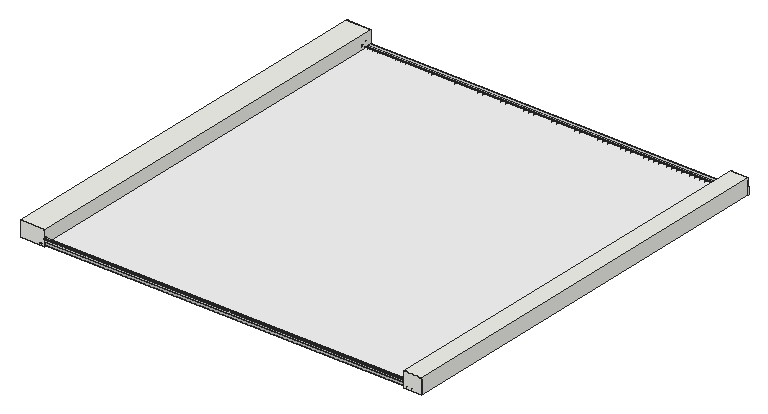
Revit family "DSI-HHS10B_2HR_Horizontal-Fire-Curtain_Floor_Door-Systems", category Generic Models, Revit 2021
Family settings
  Can host rebar = No
  Round Connector Dimension = Use Diameter
  Part Type = Normal
  Work Plane-Based = No
  Always vertical = Yes
  Cut with Voids When Loaded = No
  Shared = No
  Room Calculation Point = No
Parameters
  Type Comments = ""
  Specifications = "https://www.arcat.com/company/door-systems-50183/spec"
  Specification = ""
  Product Page URL = ""
  Product Information = "https://www.arcat.com/arcatcos/cos50/arc50183.html"
  Primed Steel = "Primed Steel"
  Keynote = "08 33 44"
  Height (TBH) Tail end Box [instance] = 0' - 11 3/4"
  Description = ""
  Default Elevation = 0' - 0"
  Cost = 0
  Copyright = "Arcat, Inc."
  CURTAIN WIDTH [instance] = 25' - 3"
  URL = "https://www.doorsysinc.com"
  Width (TBW) Tail end Box [instance] = 1' - 1 3/4"
  Schematic Floor = no
  Power Supply = "120v"
  Open Fire Curtain = yes
  Motor = "INTERNAL, ELECTRIC, TUBULER GEARED CONSTANT SPEED MOTOR"
  Model = "DSI-HHS10B 2HR Horizontal Curtain Floor"
  Manufacturer = "Door Systems"
  Width (HBW) Head Box [instance] = 1' - 6 1/2"
  Height (HBH) Head Box [instance] = 0' - 11 3/4"
  Guide Rail = "2 mm THK PRIMED STEEL GUIDE RAIL"
  End Plate = "3mmTHK PRIMED STEEL END PLATES AND BRACKETS"
  Curtain Fabric = "HS690-SS FABRIC- UL 10B"
  Curtain Box = "1.2mmTHK PRIMED STEEL"
  Curtain = Curtain
  CURTAIN LENGTH [instance] = 23' - 0"
  CAD Details = ""
  Bottom Bar = "2mm THK  PRIMED STEEL  BOTTOM BAR"
  Assembly Code = ""
Reference planes (in)
  plane 1 "Center (Front/Back)": y = 0
  plane 2: z = 0
  plane 3 "Center (Left/Right)": x = 0
  plane 4: y = 48
  plane 5: y = -265.62376
  plane 6: x = -48
  plane 7: x = 260.25
  plane 8: x = -29.5
  plane 9: x = 246.5
  plane 10: y = 43.47244
  plane 11: y = -261.0962
  plane 12: z = 0
  plane 13: z = 11.75
  plane 14: z = 8.30906
  plane 15: x = -34.22047
  plane 16: x = 252.40133
  plane 17: z = 10.90207
  plane 18: y = 47.2126
  plane 19: y = -264.84251
  plane 20: y = -265.57689
  plane 21: y = 47.95312
  plane 22: z = 9.7997
  plane 23: z = 9.75283
  plane 24: x = -32.25591
  plane 25: x = 249.25591
  plane 26: z = 6.95124
  plane 27: z = 1.94882
  plane 28: z = 1.90194
  plane 29: z = 11.75
  plane 30: y = -260.31495
  plane 31: y = 42.68505
Forms (in)
  Extrusion 1, solid, material "Metal, Paint Finish, White, Matte"
    sketch origin (0, 0, 0) x (1, 0, 0) y (0, 0, 1)
      loop
        line (-29.5, 11.75) -> (-48, 11.75) -> (-48, 0) -> (-29.5, 0) -> (-29.5, 11.75)
    from -47.95312 to 265.57689
  Extrusion 2, solid, material "Metal, Paint Finish, White, Matte"
    sketch origin (0, 0, 0) x (1, 0, 0) y (0, 0, 1)
      loop
        line (246.49582, 11.75) -> (246.49582, 0) -> (260.24582, 0) -> (260.24582, 11.75) -> (246.49582, 11.75)
    from -47.95312 to 265.57689
  Extrusion 3, solid, material "Metal, Paint Finish, White, Matte"
    sketch origin (0, -119.95313, 0) x (1, 0, 0) y (0, 0, 1)
      loop
        line (-48, 11.65551) -> (-48, 0) -> (-29.5, 0) -> (-29.5, 11.75) -> (-47.90551, 11.75)
        arc (-47.90551, 11.75) -> (-47.97233, 11.72233) -> (-48, 11.65551) r 0.09449
    from 145.62376 to 145.67064
  Extrusion 4, solid, material "Metal, Paint Finish, White, Matte"
    sketch origin (0, -36, 0) x (1, 0, 0) y (0, 0, 1)
      loop
        line (-48, 11.65551) -> (-48, 0) -> (-29.5, 0) -> (-29.5, 11.75) -> (-47.90551, 11.75)
        arc (-47.90551, 11.75) -> (-47.97233, 11.72233) -> (-48, 11.65551) r 0.09449
    from -84 to -83.95312
  Extrusion 5, solid, material "Metal, Paint Finish, White, Matte"
    sketch origin (0, -35.95313, 0) x (1, 0, 0) y (0, 0, 1)
      loop
        line (246.49582, 0) -> (260.24582, 0) -> (260.24582, 11.65551)
        arc (260.24582, 11.65551) -> (260.21814, 11.72233) -> (260.15133, 11.75) r 0.09449
        line (260.15133, 11.75) -> (246.49582, 11.75) -> (246.49582, 0)
    from 229.62376 to 229.67064
  Extrusion 6, solid, material "Metal, Paint Finish, White, Matte"
    sketch origin (0, 48, 0) x (1, 0, 0) y (0, 0, 1)
      loop
        line (246.49582, 0) -> (260.24582, 0) -> (260.24582, 11.65551)
        arc (260.24582, 11.65551) -> (260.21814, 11.72233) -> (260.15133, 11.75) r 0.09449
        line (260.15133, 11.75) -> (246.49582, 11.75) -> (246.49582, 0)
    from 0 to 0.04688
  Extrusion 7, solid, material "Schematic Floor", visible <- "Schematic Floor"
    sketch origin (0, 0, -5.90551) x (1, 0, 0) y (0, 1, 0)
      loop
        line (-32.25591, -265.57689) -> (249.25591, -265.57689) -> (249.25591, 48) -> (-32.25591, 48) -> (-32.25591, -265.57689)
      loop
        line (284.24582, 72) -> (-72, 72) -> (-72, -289.57689) -> (284.24582, -289.57689) -> (284.24582, 72)
    from 0 to 5.90551
  Extrusion 8, solid, material "Galvanized Steel"
    sketch origin (0, 1.56963, -6.86368) x (0, 1, 0) y (0, 0, 1)
      loop
        line (-261.88458, 8.93061) -> (-261.88458, 9.48179)
        arc (-261.88458, 9.48179) -> (-261.91918, 9.56531) -> (-262.00269, 9.5999) r 0.11811
        line (-262.00269, 9.5999) -> (-266.29403, 9.5999)
        arc (-266.29403, 9.5999) -> (-266.37755, 9.56531) -> (-266.41214, 9.48179) r 0.11811
        line (-266.41214, 9.48179) -> (-266.41214, 7.74951)
        arc (-266.41214, 7.74951) -> (-266.37755, 7.66599) -> (-266.29403, 7.6314) r 0.11811
        line (-266.29403, 7.6314) -> (-262.00269, 7.6314)
        arc (-262.00269, 7.6314) -> (-261.91918, 7.66599) -> (-261.88458, 7.74951) r 0.11811
        line (-261.88458, 7.74951) -> (-261.88458, 8.30069)
        arc (-261.88458, 8.30069) -> (-261.91918, 8.38421) -> (-262.00269, 8.4188) r 0.11811
        line (-262.00269, 8.4188) -> (-263.14443, 8.4188)
        arc (-263.14443, 8.4188) -> (-263.22794, 8.38421) -> (-263.26254, 8.30069) r 0.11811
        line (-263.26254, 8.30069) -> (-263.26254, 7.74951) -> (-263.1838, 7.74951) -> (-263.1838, 8.30069)
        arc (-263.1838, 8.30069) -> (-263.17227, 8.32853) -> (-263.14443, 8.34006) r 0.03937
        line (-263.14443, 8.34006) -> (-262.00269, 8.34006)
        arc (-262.00269, 8.34006) -> (-261.97486, 8.32853) -> (-261.96332, 8.30069) r 0.03937
        line (-261.96332, 8.30069) -> (-261.96332, 7.74951)
        arc (-261.96332, 7.74951) -> (-261.97486, 7.72167) -> (-262.00269, 7.71014) r 0.03937
        line (-262.00269, 7.71014) -> (-266.29403, 7.71014)
        arc (-266.29403, 7.71014) -> (-266.32187, 7.72167) -> (-266.3334, 7.74951) r 0.03937
        line (-266.3334, 7.74951) -> (-266.3334, 9.48179)
        arc (-266.3334, 9.48179) -> (-266.32187, 9.50963) -> (-266.29403, 9.52116) r 0.03937
        line (-266.29403, 9.52116) -> (-262.00269, 9.52116)
        arc (-262.00269, 9.52116) -> (-261.97486, 9.50963) -> (-261.96332, 9.48179) r 0.03937
        line (-261.96332, 9.48179) -> (-261.96332, 8.93061)
        arc (-261.96332, 8.93061) -> (-261.97486, 8.90277) -> (-262.00269, 8.89124) r 0.03937
        line (-262.00269, 8.89124) -> (-263.14443, 8.89124)
        arc (-263.14443, 8.89124) -> (-263.17227, 8.90277) -> (-263.1838, 8.93061) r 0.03937
        line (-263.1838, 8.93061) -> (-263.1838, 9.49557) -> (-263.26254, 9.49557) -> (-263.26254, 8.93061)
        arc (-263.26254, 8.93061) -> (-263.22794, 8.84709) -> (-263.14443, 8.8125) r 0.11811
        line (-263.14443, 8.8125) -> (-262.00269, 8.8125)
        arc (-262.00269, 8.8125) -> (-261.91918, 8.84709) -> (-261.88458, 8.93061) r 0.11811
    from -34.22047 to 252.40133
  Extrusion 9, solid, material "Galvanized Steel"
    sketch origin (0, 0, -8.22835) x (0, 1, 0) y (0, 0, 1)
      loop
        line (44.063, 10.86024) -> (43.98426, 10.86024) -> (43.98426, 10.29528)
        arc (43.98426, 10.29528) -> (43.97273, 10.26744) -> (43.94489, 10.25591) r 0.03937
        line (43.94489, 10.25591) -> (42.80316, 10.25591)
        arc (42.80316, 10.25591) -> (42.77532, 10.26744) -> (42.76379, 10.29528) r 0.03937
        line (42.76379, 10.29528) -> (42.76379, 10.84646)
        arc (42.76379, 10.84646) -> (42.77532, 10.8743) -> (42.80316, 10.88583) r 0.03937
        line (42.80316, 10.88583) -> (47.09449, 10.88583)
        arc (47.09449, 10.88583) -> (47.12233, 10.8743) -> (47.13386, 10.84646) r 0.03937
        line (47.13386, 10.84646) -> (47.13386, 9.11417)
        arc (47.13386, 9.11417) -> (47.12233, 9.08633) -> (47.09449, 9.0748) r 0.03937
        line (47.09449, 9.0748) -> (42.80316, 9.0748)
        arc (42.80316, 9.0748) -> (42.77532, 9.08633) -> (42.76379, 9.11417) r 0.03937
        line (42.76379, 9.11417) -> (42.76379, 9.66535)
        arc (42.76379, 9.66535) -> (42.77532, 9.69319) -> (42.80316, 9.70472) r 0.03937
        line (42.80316, 9.70472) -> (43.94489, 9.70472)
        arc (43.94489, 9.70472) -> (43.97273, 9.69319) -> (43.98426, 9.66535) r 0.03937
        line (43.98426, 9.66535) -> (43.98426, 9.11417) -> (44.063, 9.11417) -> (44.063, 9.66535)
        arc (44.063, 9.66535) -> (44.0284, 9.74887) -> (43.94489, 9.78346) r 0.11811
        line (43.94489, 9.78346) -> (42.80316, 9.78346)
        arc (42.80316, 9.78346) -> (42.71964, 9.74887) -> (42.68505, 9.66535) r 0.11811
        line (42.68505, 9.66535) -> (42.68505, 9.11417)
        arc (42.68505, 9.11417) -> (42.71964, 9.03066) -> (42.80316, 8.99606) r 0.11811
        line (42.80316, 8.99606) -> (47.09449, 8.99606)
        arc (47.09449, 8.99606) -> (47.17801, 9.03066) -> (47.2126, 9.11417) r 0.11811
        line (47.2126, 9.11417) -> (47.2126, 10.84646)
        arc (47.2126, 10.84646) -> (47.17801, 10.92997) -> (47.09449, 10.96457) r 0.11811
        line (47.09449, 10.96457) -> (42.80316, 10.96457)
        arc (42.80316, 10.96457) -> (42.71964, 10.92997) -> (42.68505, 10.84646) r 0.11811
        line (42.68505, 10.84646) -> (42.68505, 10.29528)
        arc (42.68505, 10.29528) -> (42.71964, 10.21176) -> (42.80316, 10.17717) r 0.11811
        line (42.80316, 10.17717) -> (43.94489, 10.17717)
        arc (43.94489, 10.17717) -> (44.0284, 10.21176) -> (44.063, 10.29528) r 0.11811
        line (44.063, 10.29528) -> (44.063, 10.86024)
    from -34.22047 to 252.40133
  Extrusion 10, solid, material "Curtain", visible <- "Open Fire Curtain"
    sketch origin (0, 0, 1.90194) x (1, 0, 0) y (0, 1, 0)
      loop
        line (-34.22047, -261.0962) -> (252.40133, -261.0962) -> (252.40133, 43.47244) -> (-34.22047, 43.47244) -> (-34.22047, -261.0962)
    from 0 to 0.04688
Lines and regions (in)
  symbolic lines
    curve 1: circle (-44.44391, 0, 4.45016) r 1.91535 normal (0, -1, 0)
    curve 2: circle (-44.44391, 0, 4.45016) r 1.50591 normal (0, -1, 0)
    curve 3: circle (-44.44391, 0, 4.45016) r 1.37795 normal (0, -1, 0)
    curve 4: line (-44.44918, 0, 6.77951) -> (-44.43864, 0, 2.12081)
    curve 5: line (-46.77326, 0, 4.44489) -> (-42.11456, 0, 4.45543)
    curve 6: line (-42.11456, 0, 4.45543) -> (-33.08897, 0, 4.47584)
    curve 7: line (-37.5648, 0, 8.93148) -> (-37.54461, 0, 0)
    curve 8: arc (-37.55921, 0, 6.45983) -> (-38.96793, 0, 5.87259) -> (-39.54879, 0, 4.46123) r 1.99409
    curve 9: circle (-37.5547, 0, 4.46574) r 3.54331 normal (0, -1, 0)
    curve 10: line (-44.31602, 0, 6.36124) -> (-37.45896, 0, 5.90235)
    curve 11: line (-37.55145, 0, 3.02594) -> (-44.30641, 0, 2.53975)
    curve 12: circle (-37.5547, 0, 4.46574) r 1.43976 normal (0, -1, 0)
    curve 13: circle (-37.5547, 0, 4.46574) r 1.85236 normal (0, -1, 0)
    curve 14: circle (-37.5547, 0, 4.46574) r 1.99409 normal (0, -1, 0)
    curve 41: line (-34.10601, 0, 0.92244) -> (-37.56272, 0, 0.92244)
    curve 43: circle (252.40133, 0, 6.88976) r 1.43976 normal (0, -1, 0)
    curve 44: line (257.13479, 0, 8.79589) -> (252.26219, 0, 8.32279)
    curve 45: line (252.40133, 0, 8.68158) -> (252.40133, 0, 5.09795)
    curve 46: line (250.60952, 0, 6.88976) -> (254.19314, 0, 6.88976)
    curve 47: circle (252.40363, 0, 6.88976) r 0.83465 normal (0, -1, 0)
    curve 48: circle (252.40363, 0, 6.88976) r 0.71654 normal (0, -1, 0)
    curve 49: line (254.84162, 0, 6.88976) -> (259.80356, 0, 6.88976)
    curve 50: circle (257.32259, 0, 6.88976) r 1.91535 normal (0, -1, 0)
    curve 51: circle (257.32259, 0, 6.88976) r 1.50591 normal (0, -1, 0)
    curve 52: circle (257.32259, 0, 6.88976) r 1.37795 normal (0, -1, 0)
    curve 53: line (252.42006, 0, 5.45012) -> (257.134, 0, 4.98372)
    curve 54: line (257.32259, 0, 9.37074) -> (257.32259, 0, 4.40879)
  symbolic lines, not visible
    curve 15: circle (-44.45615, 0, 6.29921) r 1.91535 normal (0, -1, 0)
    curve 16: circle (-44.45615, 0, 6.29921) r 1.50591 normal (0, -1, 0)
    curve 17: circle (-44.45615, 0, 6.29921) r 1.37795 normal (0, -1, 0)
    curve 18: line (-44.45615, 0, 8.62857) -> (-44.45615, 0, 3.96985)
    curve 19: line (-46.78551, 0, 6.29921) -> (-42.12679, 0, 6.29921)
    curve 20: line (-42.12679, 0, 6.29921) -> (-33.10118, 0, 6.29921)
    curve 21: line (-37.56693, 0, 10.76496) -> (-37.56693, 0, 1.83346)
    curve 22: arc (-37.56693, 0, 8.29331) -> (-38.97697, 0, 7.70925) -> (-39.56102, 0, 6.29921) r 1.99409
    curve 23: circle (-37.56693, 0, 6.29921) r 3.54331 normal (0, -1, 0)
    curve 24: line (-44.32394, 0, 8.21) -> (-37.46794, 0, 7.73561)
    curve 25: line (-37.56693, 0, 4.85941) -> (-44.32297, 0, 4.38849)
    curve 26: circle (-37.56693, 0, 6.29921) r 1.43976 normal (0, -1, 0)
    curve 27: circle (-37.56693, 0, 6.29921) r 1.85236 normal (0, -1, 0)
    curve 28: circle (-37.56693, 0, 6.29921) r 1.99409 normal (0, -1, 0)
    curve 29: circle (126.25984, 0, 4.92126) r 1.43976 normal (0, -1, 0)
    curve 30: line (130.9933, 0, 6.82739) -> (126.1207, 0, 6.35428)
    curve 31: line (126.25984, 0, 6.71307) -> (126.25984, 0, 3.12945)
    curve 32: line (124.46803, 0, 4.92126) -> (128.05166, 0, 4.92126)
    curve 33: circle (126.26214, 0, 4.92126) r 0.83465 normal (0, -1, 0)
    curve 34: circle (126.26214, 0, 4.92126) r 0.71654 normal (0, -1, 0)
    curve 35: line (128.70013, 0, 4.92126) -> (133.66207, 0, 4.92126)
    curve 36: circle (131.1811, 0, 4.92126) r 1.91535 normal (0, -1, 0)
    curve 37: circle (131.1811, 0, 4.92126) r 1.50591 normal (0, -1, 0)
    curve 38: circle (131.1811, 0, 4.92126) r 1.37795 normal (0, -1, 0)
    curve 39: line (126.27857, 0, 3.48162) -> (130.99251, 0, 3.01521)
    curve 40: line (131.1811, 0, 7.40223) -> (131.1811, 0, 2.44029)
    curve 42: line (-34.12626, 0, 2.74813) -> (-37.58295, 0, 2.75594)
    curve 55: circle (-44.44391, 0, 4.45016) r 1.91535 normal (0, -1, 0)
    curve 56: circle (-44.44391, 0, 4.45016) r 1.50591 normal (0, -1, 0)
    curve 57: circle (-44.44391, 0, 4.45016) r 1.37795 normal (0, -1, 0)
    curve 58: line (-44.44918, 0, 6.77951) -> (-44.43864, 0, 2.12081)
    curve 59: line (-46.77326, 0, 4.44489) -> (-42.11456, 0, 4.45543)
    curve 60: line (-42.11456, 0, 4.45543) -> (-33.08897, 0, 4.47584)
    curve 61: line (-37.5648, 0, 8.93148) -> (-37.54461, 0, 0)
    curve 62: arc (-37.55921, 0, 6.45983) -> (-38.96793, 0, 5.87259) -> (-39.54879, 0, 4.46123) r 1.99409
    curve 63: circle (-37.5547, 0, 4.46574) r 3.54331 normal (0, -1, 0)
    curve 64: line (-44.31602, 0, 6.36124) -> (-37.45896, 0, 5.90235)
    curve 65: line (-37.55145, 0, 3.02594) -> (-44.30641, 0, 2.53975)
    curve 66: circle (-37.5547, 0, 4.46574) r 1.43976 normal (0, -1, 0)
    curve 67: circle (-37.5547, 0, 4.46574) r 1.85236 normal (0, -1, 0)
    curve 68: circle (-37.5547, 0, 4.46574) r 1.99409 normal (0, -1, 0)
    curve 69: line (-34.10601, 0, 0.92244) -> (-37.56272, 0, 0.92244)
Dimensions and locks (in)
  "Width (HBW) Head Box": plane 6 to plane 8
  "Width (TBW) Tail end Box": plane 9 to plane 7
  plane 6 to plane 7 = 25' - 8 1/4"
  "CURTAIN LENGTH": plane 8 to plane 9
  plane 4 to plane 5 = 26' - 1.62376"
  locked: plane 11 to plane 5 at 4.52756
  locked: plane 4 to plane 10 at 4.52756
  "Height (HBH) Head Box": plane 13 to plane 12
  locked: plane 13 to plane 14 at 3.44094
  locked: plane 9 to plane 16 at 5.90133
  locked: plane 13 to plane 17 at 0.84793
  locked: plane 4 to plane 18 at 0.7874
  locked: plane 19 to plane 5 at 0.78125
  locked: plane 20 to plane 5 at 0.04687
  locked: plane 4 to plane 21 at 0.04688
  plane 13 to plane 22 to plane 23 = 0' - 1.9503" locked, 0' - 0 3/64" locked
  locked: plane 24 to plane 8 at 2.75591
  locked: plane 9 to plane 25 at 2.75591
  locked: plane 26 to plane 12 at 6.95124
  locked: plane 27 to plane 12 at 1.94882
  locked: plane 27 to plane 28 at 0.04688
  plane 27 to plane 12 = 0' - 1.94882"
  "Height (TBH) Tail end Box": plane 29 to plane 12
  locked: plane 4 to plane 31 at 5.31495
  "CURTAIN WIDTH": plane 31 to plane 30
  locked: plane 20 to plane 30 at 5.26193
  aligned and locked: plane 2 to level
  aligned and locked: plane 13 to Extrusion 1 sketch curve
  aligned and locked: Extrusion 1 sketch curve to plane 12
  aligned and locked: plane 6 to Extrusion 1
  aligned and locked: plane 12 to Extrusion 2
  aligned and locked: Extrusion 3 to plane 5
  aligned and locked: Extrusion 3 to plane 20
  aligned and locked: plane 20 to Extrusion 1
  aligned and locked: Extrusion 4 to plane 21
  aligned and locked: plane 4 to Extrusion 4
  aligned and locked: plane 21 to Extrusion 1
  aligned and locked: plane 5 to Extrusion 5
  aligned and locked: Extrusion 5 to plane 20
  aligned and locked: Extrusion 6 to plane 4
  aligned and locked: plane 21 to Extrusion 6
  aligned and locked: plane 20 to Extrusion 2
  aligned and locked: Extrusion 2 to plane 21
  aligned and locked: plane 13 to Extrusion 3
  aligned and locked: Extrusion 8 to plane 27
  aligned and locked: Extrusion 9 to plane 27
  aligned and locked: Extrusion 10 to plane 28
  aligned and locked: Extrusion 10 to plane 27
  aligned and locked: Extrusion 9 to plane 16
  aligned and locked: Extrusion 8 to plane 16
  aligned and locked: plane 8 to Extrusion 1 sketch curve
  aligned and locked: Extrusion 5 sketch curve to plane 29
  aligned and locked: Extrusion 6 sketch curve to plane 29
  aligned and locked: plane 29 to Extrusion 2 sketch curve
  aligned and locked: plane 30 to Extrusion 8
  aligned and locked: plane 31 to Extrusion 9
  aligned and locked: plane 16 to curve 45
Automatic sketch dimensions
  curve 1 to curve 2 = 0' - 0"  (x2)
  curve 1 to curve 3 = 0' - 0"  (x2)
  curve 2 to curve 3 = 0' - 0"  (x2)
  curve 8 to curve 9 = 0' - 0"  (x2)
  curve 8 to curve 12 = 0' - 0"  (x2)
  curve 8 to curve 13 = 0' - 0"  (x2)
  curve 8 to curve 14 = 0' - 0"  (x2)
  curve 9 to curve 12 = 0' - 0"  (x2)
  curve 9 to curve 13 = 0' - 0"  (x2)
  curve 9 to curve 14 = 0' - 0"  (x2)
  curve 12 to curve 13 = 0' - 0"  (x2)
  curve 12 to curve 14 = 0' - 0"  (x2)
  curve 13 to curve 14 = 0' - 0"  (x2)
  curve 1 to curve 6 = 0' - 2.32936"
  curve 5 to curve 8 = 0' - 4.55986"
  curve 3 to curve 5 = 0' - 0"
  curve 5 to curve 2 = 0' - 2.32936"
  curve 4 to curve 1 = 0' - 0"
  curve 4 to curve 10 = 0' - 0.13221"
  curve 4 to curve 11 = 0' - 0.13318"
  curve 8 to curve 8 = 0' - 1.99409"
  curve 41 to curve 7 = 0' - 0.01602"
  curve 8 to curve 10 = 0' - 0.09899"
  curve 41 to curve 41 = 0' - 3.45669"
  curve 41 to curve 6 = 0' - 1.02508"
  curve 11 to curve 9 = 0' - 1.4398"
  curve 11 to curve 2 = 0' - 1.91072"
  curve 4 to curve 11 = 0' - 0.41864"
  curve 41 to curve 11 = 0' - 2.10347"
  curve 41 to curve 41 = 0' - 0 1/128"
  curve 7 to curve 41 = 0' - 0.92248"
  curve 10 to curve 8 = 0' - 0.5577"
  curve 10 to curve 4 = 0' - 0.41857"
  curve 8 to curve 7 = 0' - 2.47166"
  curve 15 to curve 16 = 0' - 0"  (x2)
  curve 15 to curve 17 = 0' - 0"  (x2)
  curve 16 to curve 17 = 0' - 0"  (x2)
  curve 22 to curve 23 = 0' - 0"  (x2)
  curve 22 to curve 26 = 0' - 0"  (x2)
  curve 22 to curve 27 = 0' - 0"  (x2)
  curve 22 to curve 28 = 0' - 0"  (x2)
  curve 23 to curve 26 = 0' - 0"  (x2)
  curve 23 to curve 27 = 0' - 0"  (x2)
  curve 23 to curve 28 = 0' - 0"  (x2)
  curve 26 to curve 27 = 0' - 0"  (x2)
  curve 26 to curve 28 = 0' - 0"  (x2)
  curve 27 to curve 28 = 0' - 0"  (x2)
  curve 15 to curve 20 = 0' - 2.32936"
  curve 19 to curve 22 = 0' - 4.55986"
  curve 17 to curve 19 = 0' - 0"
  curve 19 to curve 16 = 0' - 2.32936"
  curve 18 to curve 15 = 0' - 0"
  curve 18 to curve 24 = 0' - 0.13221"
  curve 18 to curve 25 = 0' - 0.13318"
  curve 22 to curve 22 = 0' - 1.99409"
  curve 42 to curve 21 = 0' - 0.01602"
  curve 22 to curve 24 = 0' - 0.09899"
  curve 42 to curve 42 = 0' - 3.45669"
  curve 42 to curve 20 = 0' - 1.02508"
  curve 25 to curve 23 = 0' - 1.4398"
  curve 25 to curve 16 = 0' - 1.91072"
  curve 18 to curve 25 = 0' - 0.41864"
  curve 42 to curve 25 = 0' - 2.10347"
  curve 42 to curve 42 = 0' - 0 1/128"
  curve 21 to curve 42 = 0' - 0.92248"
  curve 24 to curve 22 = 0' - 0.5577"
  curve 24 to curve 18 = 0' - 0.41857"
  curve 22 to curve 21 = 0' - 2.47166"
  Extrusion 2 sketch curve to level = 0' - 0"
  plane 7 to Extrusion 2 sketch curve = 0' - 0.00418"
  plane 6 to Extrusion 3 sketch curve = 0' - 0"
  Extrusion 3 sketch curve to plane 13 = 0' - 0"
  plane 8 to Extrusion 3 sketch curve = 0' - 0"
  Extrusion 3 sketch curve to level = 0' - 0"
  Extrusion 3 sketch curve to plane 6 = 0' - 0.09449"
  plane 6 to Extrusion 4 sketch curve = 0' - 0"
  Extrusion 4 sketch curve to plane 13 = 0' - 0"
  plane 8 to Extrusion 4 sketch curve = 0' - 0"
  Extrusion 4 sketch curve to level = 0' - 0"
  Extrusion 4 sketch curve to plane 6 = 0' - 0.09449"
  Extrusion 5 sketch curve to level = 0' - 0"
  plane 9 to Extrusion 5 sketch curve = 0' - 0.00418"
  plane 7 to Extrusion 5 sketch curve = 0' - 0.09867"
  plane 7 to Extrusion 5 sketch curve = 0' - 0.00418"
  Extrusion 6 sketch curve to level = 0' - 0"
  plane 9 to Extrusion 6 sketch curve = 0' - 0.00418"
  plane 7 to Extrusion 6 sketch curve = 0' - 0.09867"
  plane 7 to Extrusion 6 sketch curve = 0' - 0.00418"
  plane 20 to Extrusion 7 sketch curve = 0' - 0"
  Extrusion 7 sketch curve to plane 24 = 0' - 0"
  Extrusion 7 sketch curve to plane 25 = 0' - 0"
  Extrusion 7 sketch curve to plane 4 = 0' - 0"
  plane 6 to Extrusion 7 sketch curve = 2' - 0"
  Extrusion 7 sketch curve to plane 7 = 1' - 11.99582"
  Extrusion 7 sketch curve to plane 5 = 1' - 11 61/64"
  plane 4 to Extrusion 7 sketch curve = 2' - 0"
  Extrusion 8 sketch curve to Extrusion 8 sketch curve = 0' - 0"  (x17)
  Extrusion 8 sketch curve to plane 19 = 0' - 0"
  Extrusion 8 sketch curve to plane 27 = 0' - 0"
  Extrusion 8 sketch curve to Extrusion 8 sketch curve = 0' - 0.07874"
  Extrusion 8 sketch curve to Extrusion 8 sketch curve = 0' - 0.03937"  (x6)
  Extrusion 8 sketch curve to plane 11 = 0' - 0.5967"  (x2)
  plane 11 to Extrusion 8 sketch curve = 0' - 0.66314"  (x2)
  plane 27 to Extrusion 8 sketch curve = 0' - 0.11811"
  Extrusion 8 sketch curve to plane 28 = 0' - 0.34683"
  Extrusion 8 sketch curve to Extrusion 8 sketch curve = 0' - 0.55118"  (x3)
  Extrusion 8 sketch curve to Extrusion 8 sketch curve = 0' - 0.56496"
  Extrusion 9 sketch curve to Extrusion 9 sketch curve = 0' - 0"  (x18)
  Extrusion 9 sketch curve to plane 27 = 0' - 0"
  Extrusion 9 sketch curve to plane 18 = 0' - 0"
  Extrusion 9 sketch curve to Extrusion 9 sketch curve = 0' - 0.07874"
  Extrusion 9 sketch curve to Extrusion 9 sketch curve = 0' - 0.03937"  (x5)
  plane 10 to Extrusion 9 sketch curve = 0' - 0.59056"  (x2)
  Extrusion 9 sketch curve to plane 10 = 0' - 0.66929"  (x2)
  plane 27 to Extrusion 9 sketch curve = 0' - 0.11811"
  Extrusion 9 sketch curve to plane 28 = 0' - 0.34683"
  level to Extrusion 9 sketch curve = 0' - 0.88583"
  Extrusion 9 sketch curve to Extrusion 9 sketch curve = 0' - 0.55118"  (x2)
  Extrusion 9 sketch curve to Extrusion 9 sketch curve = 0' - 0.56496"
  Extrusion 10 sketch curve to plane 10 = 0' - 0"
  Extrusion 10 sketch curve to plane 15 = 0' - 0"
  Extrusion 10 sketch curve to plane 16 = 0' - 0"
  Extrusion 10 sketch curve to plane 11 = 0' - 0"
  plane 6 to Extrusion 1 sketch curve = 0' - 0"
  plane 9 to Extrusion 2 sketch curve = 0' - 0.00418"
  curve 55 to curve 56 = 0' - 0"  (x2)
  curve 55 to curve 57 = 0' - 0"  (x2)
  curve 56 to curve 57 = 0' - 0"  (x2)
  curve 62 to curve 63 = 0' - 0"  (x2)
  curve 62 to curve 66 = 0' - 0"  (x2)
  curve 62 to curve 67 = 0' - 0"  (x2)
  curve 62 to curve 68 = 0' - 0"  (x2)
  curve 63 to curve 66 = 0' - 0"  (x2)
  curve 63 to curve 67 = 0' - 0"  (x2)
  curve 63 to curve 68 = 0' - 0"  (x2)
  curve 66 to curve 67 = 0' - 0"  (x2)
  curve 66 to curve 68 = 0' - 0"  (x2)
  curve 67 to curve 68 = 0' - 0"  (x2)
  curve 55 to curve 60 = 0' - 2.32936"
  curve 59 to curve 62 = 0' - 4.55986"
  curve 57 to curve 59 = 0' - 0"
  curve 59 to curve 56 = 0' - 2.32936"
  curve 58 to curve 55 = 0' - 0"
  curve 58 to curve 64 = 0' - 0.13221"
  curve 58 to curve 65 = 0' - 0.13318"
  curve 62 to curve 62 = 0' - 1.99409"
  curve 69 to curve 61 = 0' - 0.01602"
  curve 62 to curve 64 = 0' - 0.09899"
  curve 69 to curve 69 = 0' - 3.45669"
  curve 69 to curve 60 = 0' - 1.02508"
  curve 65 to curve 63 = 0' - 1.4398"
  curve 65 to curve 56 = 0' - 1.91072"
  curve 58 to curve 65 = 0' - 0.41864"
  curve 69 to curve 65 = 0' - 2.10347"
  curve 69 to curve 69 = 0' - 0 1/128"
  curve 61 to curve 69 = 0' - 0.92248"
  curve 64 to curve 62 = 0' - 0.5577"
  curve 64 to curve 58 = 0' - 0.41857"
  curve 62 to curve 61 = 0' - 2.47166"
  radius of curve 2 = 0' - 1.50591"
  radius of curve 3 = 0' - 1.37795"
  radius of curve 12 = 0' - 1.43976"
  radius of curve 13 = 0' - 1.85236"
  radius of curve 14 = 0' - 1.99409"
  radius of curve 16 = 0' - 1.50591"
  radius of curve 17 = 0' - 1.37795"
  radius of curve 26 = 0' - 1.43976"
  radius of curve 27 = 0' - 1.85236"
  radius of curve 28 = 0' - 1.99409"
  radius of curve 56 = 0' - 1.50591"
  radius of curve 57 = 0' - 1.37795"
  radius of curve 66 = 0' - 1.43976"
  radius of curve 67 = 0' - 1.85236"
  radius of curve 68 = 0' - 1.99409"
